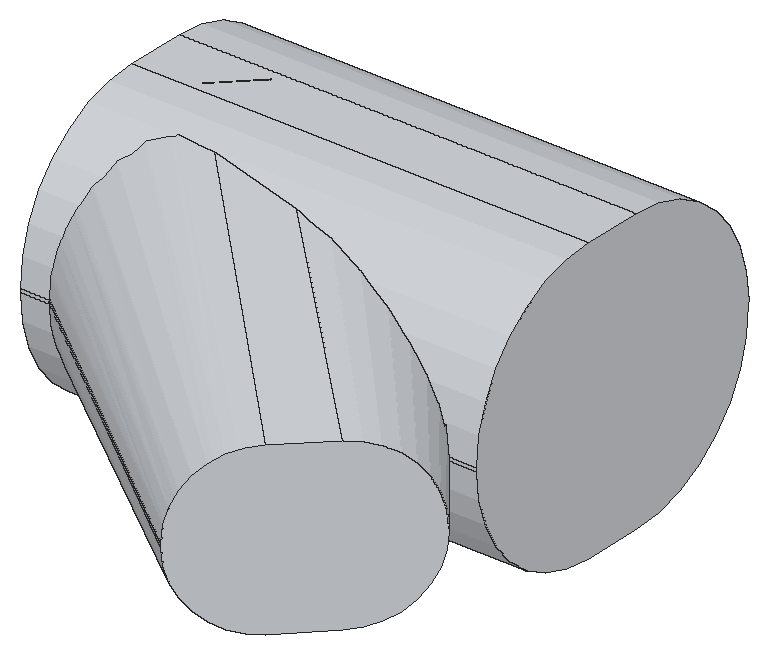
Revit family "椭圆形 T 形三通 - 倾斜 - 圆锥形", category 风管管件, Revit 2020
Family settings
  圆形连接件大小 = 使用直径
  零件类型 = 斜 T 形三通
  OmniClass 编号 = 23.75.70.14
  OmniClass 标题 = Air Ductwork
  Seek 项目 ID = Oval Tee - Lateral - Conical-0000-CAN-ENU
  基于工作平面 = 否
  总是垂直 = 是
  加载时剪切的空心 = 否
  共享 = 否
Parameters (values of type "标准")
  默认高程 = 0 mm
  宽度 2 [instance] = if(角度 1 = 90.00°, 2 * 风管宽度 1, if(角度 1 > 90.00°, 2 * 风管宽度 1, 12 mm))  # 12 mm
  宽度 1 [instance] = if(角度 1 = 90.00°, 2 * 风管宽度 1, if(角度 1 < 90.00°, 2 * 风管宽度 1, 12 mm))  # 600 mm
  长度 7 [instance] = abs(风管长度 1 - 风管长度 2 - 0.5 * 基座宽度 3 * sin(角度 2)) + 12 mm  # 44.545 mm
  长度 6 [instance] = if(角度 1 = 90.00°, 25 mm, (50 mm / ((风管宽度 3 + 50 mm) / (4 * tan(角度 2)) + 50 mm)) * 25 mm)  # 11.111 mm
  长度 5 [instance] = 风管长度 3 * sin(角度 1)  # 299.278 mm
  长度 4 [instance] = 长度 1 - 风管长度 3 * cos(角度 1)  # 2700.722 mm
  长度 3 [instance] = if(角度 1 < 90.00°, (长度 1 - 风管长度 2 + 风管长度 1), (长度 1 + 风管长度 2))  # 3071.419 mm
  长度 2 [instance] = if(角度 1 < 90.00°, (长度 1 - 风管长度 2), (长度 1 + 风管长度 2 - 风管长度 1))  # 2667.865 mm
  高度 2 [instance] = if(角度 1 = 90.00°, 2 * 风管高度 1, if(角度 1 > 90.00°, 2 * 风管高度 1, 12 mm))  # 12 mm
  高度 1 [instance] = if(角度 1 = 90.00°, 2 * 风管高度 1, if(角度 1 < 90.00°, 2 * 风管高度 1, 12 mm))  # 500 mm
  风管宽度 3 [instance] = 200 mm
  风管宽度 1 [instance] = 300 mm
  长度 1 [instance] = 3000 mm
  风管长度 3 [instance] = if(角度 1 = 90.00°, (0.5 * 风管宽度 1 / sin(角度 2) + 100 mm), (0.5 * 风管宽度 1 / sin(角度 2) + (0.5 * 风管宽度 3 + 长度 6) / tan(角度 2) + 100 mm))  # 423.243 mm
  风管长度 2 [instance] = if(角度 1 = 90.00°, ((0.5 * 风管宽度 3 + 长度 6) / sin(角度 2) + 25 mm), (0.5 * 风管宽度 1 / tan(角度 2) + (0.5 * 风管宽度 3 + 长度 6) / sin(角度 2) + 25 mm))  # 332.135 mm
  风管长度 1 [instance] = (风管宽度 3 + 50 mm) / sin(角度 2) + 50 mm  # 403.553 mm
  风管高度 3 [instance] = 150 mm
  风管高度 1 [instance] = 250 mm
  基座宽度 3 [instance] = 风管长度 3 * tan(角度 3) * 2 + 风管宽度 3  # 294.054 mm
  基座高度 3 [instance] = 风管高度 1  # 250 mm
  角度 3 [instance] = atan(长度 6 / 100 mm)  # 6.34019°
  角度 2 [instance] = if(角度 1 < 90.00°, 角度 1, (180.00° - 角度 1))  # 45.00°
  角度 1 [instance] = 45.00°
Reference planes
  plane 1 "中心(前/后)": y = 0
  plane 2: z = 0
  plane 3 "中心(左/右)": x = 0
  plane 4: x = -71.419
  plane 5: x = 332.135
  plane 6: y = -299.278
  plane 7: x = 3000
  plane 8: x = 299.278
  plane 9: x = -115.964
  plane 10: x = 376.68
Forms (mm)
  Sweep 1, solid, detail levels medium+fine
    path in 3D
      loop
        line (-71.419, 0, 0) -> (332.135, 0, 0)
    profile "M_风管 - 椭圆形 : 风管 - 椭圆形 1" origin (130.358, 0, 0) x (0, 1, 0) y (0, 0, 1)
      loop
        line (-150, 1.588) -> (-150, -1.588)
        arc (-150, -1.588) -> (-113.853, -88.853) -> (-26.587, -125) r 123.413
        line (-26.587, -125) -> (26.588, -125)
        arc (26.588, -125) -> (113.853, -88.853) -> (150, -1.587) r 123.413
        line (150, -1.587) -> (150, 1.587)
        arc (150, 1.587) -> (113.853, 88.853) -> (26.588, 125) r 123.413
        line (26.588, 125) -> (-26.587, 125)
        arc (-26.587, 125) -> (-113.853, 88.853) -> (-150, 1.588) r 123.413
  SweptBlend 2, solid, detail levels medium+fine
    path in 3D
      loop
        line (0, 0, 0) -> (299.278, -299.278, 0)
    profile "M_风管 - 椭圆形 : 风管 - 基准" origin (0, 0, 0) x (0.707107, 0.707107, 0) y (0, 0, 1)
      loop
        line (-147.027, 1.588) -> (-147.027, -1.588)
        arc (-147.027, -1.588) -> (-110.88, -88.853) -> (-23.615, -125) r 123.413
        line (-23.615, -125) -> (23.615, -125)
        arc (23.615, -125) -> (110.88, -88.853) -> (147.027, -1.587) r 123.413
        line (147.027, -1.587) -> (147.027, 1.587)
        arc (147.027, 1.587) -> (110.88, 88.853) -> (23.615, 125) r 123.413
        line (23.615, 125) -> (-23.615, 125)
        arc (-23.615, 125) -> (-110.88, 88.853) -> (-147.027, 1.588) r 123.413
    end profile "M_风管 - 椭圆形 : 风管 - 椭圆形 3" origin (299.278, -299.278, 0) x (0.707107, 0.707107, 0) y (0, 0, 1)
      loop
        line (-100, 1.588) -> (-100, -1.587)
        arc (-100, -1.587) -> (-78.498, -53.498) -> (-26.587, -75) r 73.413
        line (-26.587, -75) -> (26.588, -75)
        arc (26.588, -75) -> (78.498, -53.498) -> (100, -1.587) r 73.413
        line (100, -1.587) -> (100, 1.587)
        arc (100, 1.587) -> (78.498, 53.498) -> (26.588, 75) r 73.413
        line (26.588, 75) -> (-26.587, 75)
        arc (-26.587, 75) -> (-78.498, 53.498) -> (-100, 1.588) r 73.413
  Sweep 3, void
    path in 3D
      loop
        line (-115.964, 0, 0) -> (-71.419, 0, 0)
    profile "M_风管 - 椭圆形 : 风管 - 椭圆形 4" origin (-93.691, 0, 0) x (0, 1, 0) y (0, 0, 1)
      loop
        line (-300, 1.588) -> (-300, -1.588)
        arc (-300, -1.588) -> (-227.242, -177.242) -> (-51.587, -250) r 248.412
        line (-51.587, -250) -> (51.588, -250)
        arc (51.588, -250) -> (227.242, -177.242) -> (300, -1.587) r 248.412
        line (300, -1.587) -> (300, 1.587)
        arc (300, 1.587) -> (227.242, 177.242) -> (51.588, 250) r 248.412
        line (51.588, 250) -> (-51.587, 250)
        arc (-51.587, 250) -> (-227.242, 177.242) -> (-300, 1.588) r 248.412
  Sweep 4, void
    path in 3D
      loop
        line (332.135, 0, 0) -> (376.68, 0, 0)
    profile "M_风管 - 椭圆形 : 风管 - 椭圆形 5" origin (354.407, 0, 0) x (0, 1, 0) y (0, 0, 1)
      loop
        line (-6, 1.588) -> (-6, -1.587)
        arc (-6, -1.587) -> (-4.708, -4.708) -> (-1.587, -6) r 4.412
        line (-1.587, -6) -> (1.588, -6)
        arc (1.588, -6) -> (4.708, -4.708) -> (6, -1.587) r 4.412
        line (6, -1.587) -> (6, 1.588)
        arc (6, 1.588) -> (4.708, 4.708) -> (1.588, 6) r 4.412
        line (1.588, 6) -> (-1.587, 6)
        arc (-1.587, 6) -> (-4.708, 4.708) -> (-6, 1.588) r 4.412
Cuts and joins
  Sweep 3, Sweep 4 cuts Sweep 1
  Sweep 3, Sweep 4 cuts SweptBlend 2
Lines and regions (mm)
  model lines, detail levels coarse
    curve 1: line (-71.419, 0, 0) -> (332.135, 0, 0)
    curve 3: line (0, 0, 0) -> (299.278, -299.278, 0)
  sketch lines
    curve 2: line (-71.419, 0, 0) -> (332.135, 0, 0)
    curve 6: line (0, 0, 0) -> (299.278, -299.278, 0)
    curve 7: line (-115.964, 0, 0) -> (-71.419, 0, 0)
    curve 8: line (332.135, 0, 0) -> (376.68, 0, 0)
  model lines, not visible
    curve 4: line (-115.964, 0, 0) -> (-71.419, 0, 0)
    curve 5: line (332.135, 0, 0) -> (376.68, 0, 0)
Dimensions and locks
  "长度 1": plane 3 "中心(左/右)" to plane 7
  "长度 3": plane 4 to plane 7
  "长度 2": plane 5 to plane 7
  "长度 5": plane 6 to plane 1 "中心(前/后)"
  "长度 4": plane 8 to plane 7
  "长度 7": plane 9 to plane 4
  "长度 7": plane 5 to plane 10
  aligned and locked: plane 1 "中心(前/后)" to curve 1
  aligned and locked: plane 3 "中心(左/右)" to curve 3
  aligned and locked: plane 1 "中心(前/后)" to curve 3
  aligned and locked: plane 6 to curve 3
  aligned and locked: plane 8 to curve 3
  aligned and locked: plane 1 "中心(前/后)" to curve 4
  aligned and locked: plane 4 to curve 4
  aligned and locked: plane 5 to curve 5
  aligned and locked: plane 9 to curve 4
  aligned and locked: plane 10 to curve 5
Connectors
  hvac at (-71.419, 0, 0), driven by "风管高度 1", driven by "风管宽度 1"
    settings: on cut or joined group of Sweep 1, Sweep 3, Sweep 4, index 1, duct flow 0.0 L/s, flow factor 0, pres drop 0.0 Pa, loss coef 0, conn angle 0.00°, conn width 300 mm, conn height 250 mm, conn diameter 609.6 mm, duct sys type 28, conn prof type 2, flow config 0, flow direction 0, loss method 0, conn ref index 2, conn util no, is conn primary yes, conn desc ""
  hvac at (332.135, 0, 0), driven by "风管高度 1", driven by "风管宽度 1"
    settings: on cut or joined group of Sweep 1, Sweep 3, Sweep 4, index 2, duct flow 0.0 L/s, flow factor 0, pres drop 0.0 Pa, loss coef 0, conn angle 0.00°, conn width 300 mm, conn height 250 mm, conn diameter 609.6 mm, duct sys type 28, conn prof type 2, flow config 0, flow direction 0, loss method 0, conn ref index 1, conn util no, is conn primary no, conn desc ""
  hvac at (299.278, -299.278, 0), driven by "风管高度 3", driven by "风管宽度 3", driven by "角度 1"
    settings: on cut or joined group of SweptBlend 2, Sweep 3, Sweep 4, index 3, duct flow 0.0 L/s, flow factor 0, pres drop 0.0 Pa, loss coef 0, conn angle 45.00°, conn width 200 mm, conn height 150 mm, conn diameter 609.6 mm, duct sys type 28, conn prof type 2, flow config 0, flow direction 0, loss method 0, conn ref index -1, conn util no, is conn primary no, conn desc ""
